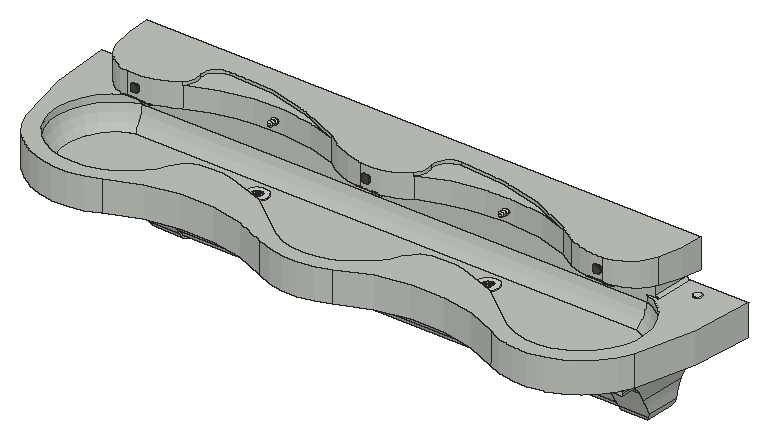
Revit family "Lavatory-Bradley_Corp-Express-MG3", category Plumbing Fixtures, Revit 2012 (continued)
Types (88): name | Water Supply | Sprayhead | Solar Panel Visibility | Sensor Voltage | Sensor Power | Rim Height | OmniClass Table 23 Number | Industry Standards | Height to Water Supply | Height to Electrical Outlet | Height to Bottom of Basin | Height to Base | Height | Heater Voltage | Heater Power | Heater Connector Placement | Heater | ADA Compliant
  Juvenile Height-AST4-TMA-Heat 277 | "Vernatherm Themostatic Mixing Assembly" | "Air Valve Control" | no | 0 V | 0 VA | 29.500" | "23.45.05.14.14" | "ANSI Z124.3, ANSI Z124.6, ANSI/ICPA SS-1-2001, UPC, GREENGUARD Indoor Air Quality Certified÷, GREENGUARD Children & Schools(SM)" | 22.000" | 20.000" | 25.500" | 13.500" | 35.000" | 277 V | 10000 VA | 38.000" | "Electric Tankless Water Heater, 277 Volts" | "Yes"
  Juvenile Height-TT-TMA-Heat 277 | "Vernatherm Themostatic Mixing Assembly" | "TouchTime Control" | no | 110 V | 0.5 VA | 29.500" | "23.45.05.14.14" | "ANSI Z124.3, ANSI Z124.6, ANSI/ICPA SS-1-2001, UPC, GREENGUARD Indoor Air Quality Certified÷, GREENGUARD Children & Schools(SM)" | 22.000" | 20.000" | 25.500" | 13.500" | 35.000" | 277 V | 10000 VA | 38.000" | "Electric Tankless Water Heater, 277 Volts" | "Yes"
  Juvenile Height-BIR3-TMA | "Vernatherm Themostatic Mixing Assembly" | "Battery Operated Infrared" | no | 0 V | 0 VA | 29.500" | "23.45.05.14.14" | "ANSI Z124.3, ANSI Z124.6, ANSI/ICPA SS-1-2001, UPC, GREENGUARD Indoor Air Quality Certified÷, GREENGUARD Children & Schools(SM)" | 22.000" | 20.000" | 25.500" | 13.500" | 35.000" | 0 V | 0 VA | 38.000" | "None" | "Yes"
  Juvenile Height-NDT-TMA | "Vernatherm Themostatic Mixing Assembly" | "ndite Powered Infrared Control" | yes | 0 V | 0 VA | 29.500" | "23.45.05.14.14" | "ANSI Z124.3, ANSI Z124.6, ANSI/ICPA SS-1-2001, UPC, GREENGUARD Indoor Air Quality Certified÷, GREENGUARD Children & Schools(SM)" | 22.000" | 20.000" | 25.500" | 13.500" | 35.000" | 0 V | 0 VA | 38.000" | "None" | "Yes"
  Juvenile Height-IR-TL-Heat 277 | "Single Tempered Line" | "Infrared Control" | no | 110 V | 0.5 VA | 29.500" | "23.45.05.14.14" | "ANSI Z124.3, ANSI Z124.6, ANSI/ICPA SS-1-2001, UPC, GREENGUARD Indoor Air Quality Certified÷, GREENGUARD Children & Schools(SM)" | 22.000" | 20.000" | 25.500" | 13.500" | 35.000" | 277 V | 10000 VA | 38.000" | "Electric Tankless Water Heater, 277 Volts" | "Yes"
  Juvenile Height-AST4-TL-Heat 277 | "Single Tempered Line" | "Air Valve Control" | no | 0 V | 0 VA | 29.500" | "23.45.05.14.14" | "ANSI Z124.3, ANSI Z124.6, ANSI/ICPA SS-1-2001, UPC, GREENGUARD Indoor Air Quality Certified÷, GREENGUARD Children & Schools(SM)" | 22.000" | 20.000" | 25.500" | 13.500" | 35.000" | 277 V | 10000 VA | 38.000" | "Electric Tankless Water Heater, 277 Volts" | "Yes"
  Juvenile Height-TT-TL-Heat 277 | "Single Tempered Line" | "TouchTime Control" | no | 110 V | 0.5 VA | 29.500" | "23.45.05.14.14" | "ANSI Z124.3, ANSI Z124.6, ANSI/ICPA SS-1-2001, UPC, GREENGUARD Indoor Air Quality Certified÷, GREENGUARD Children & Schools(SM)" | 22.000" | 20.000" | 25.500" | 13.500" | 35.000" | 277 V | 10000 VA | 38.000" | "Electric Tankless Water Heater, 277 Volts" | "Yes"
  Juvenile Height-BIR3-TL | "Single Tempered Line" | "Battery Operated Infrared" | no | 0 V | 0 VA | 29.500" | "23.45.05.14.14" | "ANSI Z124.3, ANSI Z124.6, ANSI/ICPA SS-1-2001, UPC, GREENGUARD Indoor Air Quality Certified÷, GREENGUARD Children & Schools(SM)" | 22.000" | 20.000" | 25.500" | 13.500" | 35.000" | 0 V | 0 VA | 38.000" | "None" | "Yes"
  Juvenile Height-NDT-TL | "Single Tempered Line" | "ndite Powered Infrared Control" | yes | 0 V | 0 VA | 29.500" | "23.45.05.14.14" | "ANSI Z124.3, ANSI Z124.6, ANSI/ICPA SS-1-2001, UPC, GREENGUARD Indoor Air Quality Certified÷, GREENGUARD Children & Schools(SM)" | 22.000" | 20.000" | 25.500" | 13.500" | 35.000" | 0 V | 0 VA | 38.000" | "None" | "Yes"
  Juvenile Height-IR-TMA-Heat 240-208 | "Vernatherm Themostatic Mixing Assembly" | "Infrared Control" | no | 110 V | 0.5 VA | 29.500" | "23.45.05.14.14" | "ANSI Z124.3, ANSI Z124.6, ANSI/ICPA SS-1-2001, UPC, GREENGUARD Indoor Air Quality Certified÷, GREENGUARD Children & Schools(SM)" | 22.000" | 20.000" | 25.500" | 13.500" | 35.000" | 240 V | 9500 VA | 51.000" | "Electric Tankless Water Heater, 240/208 Volts" | "Yes"
  Juvenile Height-AST4-TMA-Heat 240-208 | "Vernatherm Themostatic Mixing Assembly" | "Air Valve Control" | no | 0 V | 0 VA | 29.500" | "23.45.05.14.14" | "ANSI Z124.3, ANSI Z124.6, ANSI/ICPA SS-1-2001, UPC, GREENGUARD Indoor Air Quality Certified÷, GREENGUARD Children & Schools(SM)" | 22.000" | 20.000" | 25.500" | 13.500" | 35.000" | 240 V | 9500 VA | 51.000" | "Electric Tankless Water Heater, 240/208 Volts" | "Yes"
  Juvenile Height-TT-TMA-Heat 240-208 | "Vernatherm Themostatic Mixing Assembly" | "TouchTime Control" | no | 110 V | 0.5 VA | 29.500" | "23.45.05.14.14" | "ANSI Z124.3, ANSI Z124.6, ANSI/ICPA SS-1-2001, UPC, GREENGUARD Indoor Air Quality Certified÷, GREENGUARD Children & Schools(SM)" | 22.000" | 20.000" | 25.500" | 13.500" | 35.000" | 240 V | 9500 VA | 51.000" | "Electric Tankless Water Heater, 240/208 Volts" | "Yes"
  Juvenile Height-IR-TL-Heat 240-208 | "Single Tempered Line" | "Infrared Control" | no | 110 V | 0.5 VA | 29.500" | "23.45.05.14.14" | "ANSI Z124.3, ANSI Z124.6, ANSI/ICPA SS-1-2001, UPC, GREENGUARD Indoor Air Quality Certified÷, GREENGUARD Children & Schools(SM)" | 22.000" | 20.000" | 25.500" | 13.500" | 35.000" | 240 V | 9500 VA | 51.000" | "Electric Tankless Water Heater, 240/208 Volts" | "Yes"
  Juvenile Height-AST4-TL-Heat 240-208 | "Single Tempered Line" | "Air Valve Control" | no | 0 V | 0 VA | 29.500" | "23.45.05.14.14" | "ANSI Z124.3, ANSI Z124.6, ANSI/ICPA SS-1-2001, UPC, GREENGUARD Indoor Air Quality Certified÷, GREENGUARD Children & Schools(SM)" | 22.000" | 20.000" | 25.500" | 13.500" | 35.000" | 240 V | 9500 VA | 51.000" | "Electric Tankless Water Heater, 240/208 Volts" | "Yes"
  Juvenile Height-TT-TL-Heat 240-208 | "Single Tempered Line" | "TouchTime Control" | no | 110 V | 0.5 VA | 29.500" | "23.45.05.14.14" | "ANSI Z124.3, ANSI Z124.6, ANSI/ICPA SS-1-2001, UPC, GREENGUARD Indoor Air Quality Certified÷, GREENGUARD Children & Schools(SM)" | 22.000" | 20.000" | 25.500" | 13.500" | 35.000" | 240 V | 9500 VA | 51.000" | "Electric Tankless Water Heater, 240/208 Volts" | "Yes"
  Juvenile Height-IR-TMA | "Vernatherm Themostatic Mixing Assembly" | "Infrared Control" | no | 110 V | 0.5 VA | 29.500" | "23.45.05.14.14" | "ANSI Z124.3, ANSI Z124.6, ANSI/ICPA SS-1-2001, UPC, GREENGUARD Indoor Air Quality Certified÷, GREENGUARD Children & Schools(SM)" | 22.000" | 20.000" | 25.500" | 13.500" | 35.000" | 0 V | 0 VA | 38.000" | "None" | "Yes"
  Juvenile Height-AST4-TMA | "Vernatherm Themostatic Mixing Assembly" | "Air Valve Control" | no | 0 V | 0 VA | 29.500" | "23.45.05.14.14" | "ANSI Z124.3, ANSI Z124.6, ANSI/ICPA SS-1-2001, UPC, GREENGUARD Indoor Air Quality Certified÷, GREENGUARD Children & Schools(SM)" | 22.000" | 20.000" | 25.500" | 13.500" | 35.000" | 0 V | 0 VA | 38.000" | "None" | "Yes"
  Juvenile Height-TT-TMA | "Vernatherm Themostatic Mixing Assembly" | "TouchTime Control" | no | 110 V | 0.5 VA | 29.500" | "23.45.05.14.14" | "ANSI Z124.3, ANSI Z124.6, ANSI/ICPA SS-1-2001, UPC, GREENGUARD Indoor Air Quality Certified÷, GREENGUARD Children & Schools(SM)" | 22.000" | 20.000" | 25.500" | 13.500" | 35.000" | 0 V | 0 VA | 38.000" | "None" | "Yes"
  Juvenile Height-IR-TL | "Single Tempered Line" | "Infrared Control" | no | 110 V | 0.5 VA | 29.500" | "23.45.05.14.14" | "ANSI Z124.3, ANSI Z124.6, ANSI/ICPA SS-1-2001, UPC, GREENGUARD Indoor Air Quality Certified÷, GREENGUARD Children & Schools(SM)" | 22.000" | 20.000" | 25.500" | 13.500" | 35.000" | 0 V | 0 VA | 38.000" | "None" | "Yes"
  Juvenile Height-AST4-TL | "Single Tempered Line" | "Air Valve Control" | no | 0 V | 0 VA | 29.500" | "23.45.05.14.14" | "ANSI Z124.3, ANSI Z124.6, ANSI/ICPA SS-1-2001, UPC, GREENGUARD Indoor Air Quality Certified÷, GREENGUARD Children & Schools(SM)" | 22.000" | 20.000" | 25.500" | 13.500" | 35.000" | 0 V | 0 VA | 38.000" | "None" | "Yes"
  Juvenile Height-TT-TL | "Single Tempered Line" | "TouchTime Control" | no | 110 V | 0.5 VA | 29.500" | "23.45.05.14.14" | "ANSI Z124.3, ANSI Z124.6, ANSI/ICPA SS-1-2001, UPC, GREENGUARD Indoor Air Quality Certified÷, GREENGUARD Children & Schools(SM)" | 22.000" | 20.000" | 25.500" | 13.500" | 35.000" | 0 V | 0 VA | 38.000" | "None" | "Yes"
  TAS Pre-K 5-6 Height-IR-TMA-Heat 277 | "Vernatherm Themostatic Mixing Assembly" | "Infrared Control" | no | 110 V | 0.5 VA | 30.000" | "23.45.05.14.14" | "TAS, ANSI Z124.3, ANSI Z124.6, ANSI/ICPA SS-1-2001, UPC, GREENGUARD Indoor Air Quality Certified÷, GREENGUARD Children & Schools(SM)" | 22.500" | 20.500" | 26.000" | 14.000" | 35.500" | 277 V | 10000 VA | 38.000" | "Electric Tankless Water Heater, 277 Volts" | "No"
  TAS Pre-K 5-6 Height-AST4-TMA-Heat 277 | "Vernatherm Themostatic Mixing Assembly" | "Air Valve Control" | no | 0 V | 0 VA | 30.000" | "23.45.05.14.14" | "TAS, ANSI Z124.3, ANSI Z124.6, ANSI/ICPA SS-1-2001, UPC, GREENGUARD Indoor Air Quality Certified÷, GREENGUARD Children & Schools(SM)" | 22.500" | 20.500" | 26.000" | 14.000" | 35.500" | 277 V | 10000 VA | 38.000" | "Electric Tankless Water Heater, 277 Volts" | "No"
  TAS Pre-K 5-6 Height-TT-TMA-Heat 277 | "Vernatherm Themostatic Mixing Assembly" | "TouchTime Control" | no | 110 V | 0.5 VA | 30.000" | "23.45.05.14.14" | "TAS, ANSI Z124.3, ANSI Z124.6, ANSI/ICPA SS-1-2001, UPC, GREENGUARD Indoor Air Quality Certified÷, GREENGUARD Children & Schools(SM)" | 22.500" | 20.500" | 26.000" | 14.000" | 35.500" | 277 V | 10000 VA | 38.000" | "Electric Tankless Water Heater, 277 Volts" | "No"
  TAS Pre-K 5-6 Height-BIR3-TMA | "Vernatherm Themostatic Mixing Assembly" | "Battery Operated Infrared" | no | 0 V | 0 VA | 30.000" | "23-31 13 00" | "TAS, ANSI Z124.3, ANSI Z124.6, ANSI/ICPA SS-1-2001, UPC, GREENGUARD Indoor Air Quality Certified÷, GREENGUARD Children & Schools(SM)" | 22.500" | 20.500" | 26.000" | 14.000" | 35.500" | 0 V | 0 VA | 38.000" | "None" | "No"
  TAS Pre-K 5-6 Height-NDT-TMA | "Vernatherm Themostatic Mixing Assembly" | "ndite Powered Infrared Control" | yes | 0 V | 0 VA | 30.000" | "23.45.05.14.14" | "TAS, ANSI Z124.3, ANSI Z124.6, ANSI/ICPA SS-1-2001, UPC, GREENGUARD Indoor Air Quality Certified÷, GREENGUARD Children & Schools(SM)" | 22.500" | 20.500" | 26.000" | 14.000" | 35.500" | 0 V | 0 VA | 38.000" | "None" | "No"
  TAS Pre-K 5-6 Height-IR-TL-Heat 277 | "Single Tempered Line" | "Infrared Control" | no | 110 V | 0.5 VA | 30.000" | "23.45.05.14.14" | "TAS, ANSI Z124.3, ANSI Z124.6, ANSI/ICPA SS-1-2001, UPC, GREENGUARD Indoor Air Quality Certified÷, GREENGUARD Children & Schools(SM)" | 22.500" | 20.500" | 26.000" | 14.000" | 35.500" | 277 V | 10000 VA | 38.000" | "Electric Tankless Water Heater, 277 Volts" | "No"
  TAS Pre-K 5-6 Height-AST4-TL-Heat 277 | "Single Tempered Line" | "Air Valve Control" | no | 0 V | 0 VA | 30.000" | "23.45.05.14.14" | "TAS, ANSI Z124.3, ANSI Z124.6, ANSI/ICPA SS-1-2001, UPC, GREENGUARD Indoor Air Quality Certified÷, GREENGUARD Children & Schools(SM)" | 22.500" | 20.500" | 26.000" | 14.000" | 35.500" | 277 V | 10000 VA | 38.000" | "Electric Tankless Water Heater, 277 Volts" | "No"
  TAS Pre-K 5-6 Height-TT-TL-Heat 277 | "Single Tempered Line" | "TouchTime Control" | no | 110 V | 0.5 VA | 30.000" | "23.45.05.14.14" | "TAS, ANSI Z124.3, ANSI Z124.6, ANSI/ICPA SS-1-2001, UPC, GREENGUARD Indoor Air Quality Certified÷, GREENGUARD Children & Schools(SM)" | 22.500" | 20.500" | 26.000" | 14.000" | 35.500" | 277 V | 10000 VA | 38.000" | "Electric Tankless Water Heater, 277 Volts" | "No"
  TAS Pre-K 5-6 Height-BIR3-TL | "Single Tempered Line" | "Battery Operated Infrared" | no | 0 V | 0 VA | 30.000" | "23.45.05.14.14" | "TAS, ANSI Z124.3, ANSI Z124.6, ANSI/ICPA SS-1-2001, UPC, GREENGUARD Indoor Air Quality Certified÷, GREENGUARD Children & Schools(SM)" | 22.500" | 20.500" | 26.000" | 14.000" | 35.500" | 0 V | 0 VA | 38.000" | "None" | "No"
  TAS Pre-K 5-6 Height-NDT-TL | "Single Tempered Line" | "ndite Powered Infrared Control" | yes | 0 V | 0 VA | 30.000" | "23.45.05.14.14" | "TAS, ANSI Z124.3, ANSI Z124.6, ANSI/ICPA SS-1-2001, UPC, GREENGUARD Indoor Air Quality Certified÷, GREENGUARD Children & Schools(SM)" | 22.500" | 20.500" | 26.000" | 14.000" | 35.500" | 0 V | 0 VA | 38.000" | "None" | "No"
  TAS Pre-K 5-6 Height-IR-TMA-Heat 240-208 | "Vernatherm Themostatic Mixing Assembly" | "Infrared Control" | no | 110 V | 0.5 VA | 30.000" | "23.45.05.14.14" | "TAS, ANSI Z124.3, ANSI Z124.6, ANSI/ICPA SS-1-2001, UPC, GREENGUARD Indoor Air Quality Certified÷, GREENGUARD Children & Schools(SM)" | 22.500" | 20.500" | 26.000" | 14.000" | 35.500" | 240 V | 9500 VA | 38.000" | "Electric Tankless Water Heater, 240/208 Volts" | "No"
  TAS Pre-K 5-6 Height-AST4-TMA-Heat 240-208 | "Vernatherm Themostatic Mixing Assembly" | "Air Valve Control" | no | 0 V | 0 VA | 30.000" | "23.45.05.14.14" | "TAS, ANSI Z124.3, ANSI Z124.6, ANSI/ICPA SS-1-2001, UPC, GREENGUARD Indoor Air Quality Certified÷, GREENGUARD Children & Schools(SM)" | 22.500" | 20.500" | 26.000" | 14.000" | 35.500" | 240 V | 9500 VA | 51.000" | "Electric Tankless Water Heater, 240/208 Volts" | "No"
  TAS Pre-K 5-6 Height-TT-TMA-Heat 240-208 | "Vernatherm Themostatic Mixing Assembly" | "TouchTime Control" | no | 110 V | 0.5 VA | 30.000" | "23.45.05.14.14" | "TAS, ANSI Z124.3, ANSI Z124.6, ANSI/ICPA SS-1-2001, UPC, GREENGUARD Indoor Air Quality Certified÷, GREENGUARD Children & Schools(SM)" | 22.500" | 20.500" | 26.000" | 14.000" | 35.500" | 240 V | 9500 VA | 51.000" | "Electric Tankless Water Heater, 240/208 Volts" | "No"
  TAS Pre-K 5-6 Height-IR-TL-Heat 240-208 | "Single Tempered Line" | "Infrared Control" | no | 110 V | 0.5 VA | 30.000" | "23.45.05.14.14" | "TAS, ANSI Z124.3, ANSI Z124.6, ANSI/ICPA SS-1-2001, UPC, GREENGUARD Indoor Air Quality Certified÷, GREENGUARD Children & Schools(SM)" | 22.500" | 20.500" | 26.000" | 14.000" | 35.500" | 240 V | 9500 VA | 51.000" | "Electric Tankless Water Heater, 240/208 Volts" | "No"
  TAS Pre-K 5-6 Height-AST4-TL-Heat 240-208 | "Single Tempered Line" | "Air Valve Control" | no | 0 V | 0 VA | 30.000" | "23.45.05.14.14" | "TAS, ANSI Z124.3, ANSI Z124.6, ANSI/ICPA SS-1-2001, UPC, GREENGUARD Indoor Air Quality Certified÷, GREENGUARD Children & Schools(SM)" | 22.500" | 20.500" | 26.000" | 14.000" | 35.500" | 240 V | 9500 VA | 51.000" | "Electric Tankless Water Heater, 240/208 Volts" | "No"
  TAS Pre-K 5-6 Height-TT-TL-Heat 240-208 | "Single Tempered Line" | "TouchTime Control" | no | 110 V | 0.5 VA | 30.000" | "23.45.05.14.14" | "TAS, ANSI Z124.3, ANSI Z124.6, ANSI/ICPA SS-1-2001, UPC, GREENGUARD Indoor Air Quality Certified÷, GREENGUARD Children & Schools(SM)" | 22.500" | 20.500" | 26.000" | 14.000" | 35.500" | 240 V | 9500 VA | 51.000" | "Electric Tankless Water Heater, 240/208 Volts" | "No"
  TAS Pre-K 5-6 Height-IR-TMA | "Vernatherm Themostatic Mixing Assembly" | "Infrared Control" | no | 110 V | 0.5 VA | 30.000" | "23.45.05.14.14" | "TAS, ANSI Z124.3, ANSI Z124.6, ANSI/ICPA SS-1-2001, UPC, GREENGUARD Indoor Air Quality Certified÷, GREENGUARD Children & Schools(SM)" | 22.500" | 20.500" | 26.000" | 14.000" | 35.500" | 0 V | 0 VA | 38.000" | "None" | "No"
  TAS Pre-K 5-6 Height-AST4-TMA | "Vernatherm Themostatic Mixing Assembly" | "Air Valve Control" | no | 0 V | 0 VA | 30.000" | "23.45.05.14.14" | "TAS, ANSI Z124.3, ANSI Z124.6, ANSI/ICPA SS-1-2001, UPC, GREENGUARD Indoor Air Quality Certified÷, GREENGUARD Children & Schools(SM)" | 22.500" | 20.500" | 26.000" | 14.000" | 35.500" | 0 V | 0 VA | 38.000" | "None" | "No"
  TAS Pre-K 5-6 Height-TT-TMA | "Vernatherm Themostatic Mixing Assembly" | "TouchTime Control" | no | 110 V | 0.5 VA | 30.000" | "23.45.05.14.14" | "TAS, ANSI Z124.3, ANSI Z124.6, ANSI/ICPA SS-1-2001, UPC, GREENGUARD Indoor Air Quality Certified÷, GREENGUARD Children & Schools(SM)" | 22.500" | 20.500" | 26.000" | 14.000" | 35.500" | 0 V | 0 VA | 38.000" | "None" | "No"
  TAS Pre-K 5-6 Height-IR-TL | "Single Tempered Line" | "Infrared Control" | no | 110 V | 0.5 VA | 30.000" | "23.45.05.14.14" | "TAS, ANSI Z124.3, ANSI Z124.6, ANSI/ICPA SS-1-2001, UPC, GREENGUARD Indoor Air Quality Certified÷, GREENGUARD Children & Schools(SM)" | 22.500" | 20.500" | 26.000" | 14.000" | 35.500" | 0 V | 0 VA | 38.000" | "None" | "No"
  TAS Pre-K 5-6 Height-AST4-TL | "Single Tempered Line" | "Air Valve Control" | no | 0 V | 0 VA | 30.000" | "23.45.05.14.14" | "TAS, ANSI Z124.3, ANSI Z124.6, ANSI/ICPA SS-1-2001, UPC, GREENGUARD Indoor Air Quality Certified÷, GREENGUARD Children & Schools(SM)" | 22.500" | 20.500" | 26.000" | 14.000" | 35.500" | 0 V | 0 VA | 38.000" | "None" | "No"
  TAS Pre-K 5-6 Height-TT-TL | "Single Tempered Line" | "TouchTime Control" | no | 110 V | 0.5 VA | 30.000" | "23.45.05.14.14" | "TAS, ANSI Z124.3, ANSI Z124.6, ANSI/ICPA SS-1-2001, UPC, GREENGUARD Indoor Air Quality Certified÷, GREENGUARD Children & Schools(SM)" | 22.500" | 20.500" | 26.000" | 14.000" | 35.500" | 0 V | 0 VA | 38.000" | "None" | "No"
  TAS 6 8-9 Height-IR-TMA-Heat 277 | "Vernatherm Themostatic Mixing Assembly" | "Infrared Control" | no | 110 V | 0.5 VA | 32.000" | "23.45.05.14.14" | "TAS, ANSI Z124.3, ANSI Z124.6, ANSI/ICPA SS-1-2001, UPC, GREENGUARD Indoor Air Quality Certified÷, GREENGUARD Children & Schools(SM)" | 22.500" | 22.500" | 28.000" | 16.000" | 37.500" | 277 V | 10000 VA | 51.000" | "Electric Tankless Water Heater, 277 Volts" | "No"
  TAS 6 8-9 Height-AST4-TMA-Heat 277 | "Vernatherm Themostatic Mixing Assembly" | "Air Valve Control" | no | 0 V | 0 VA | 32.000" | "23.45.05.14.14" | "TAS, ANSI Z124.3, ANSI Z124.6, ANSI/ICPA SS-1-2001, UPC, GREENGUARD Indoor Air Quality Certified÷, GREENGUARD Children & Schools(SM)" | 22.500" | 22.500" | 28.000" | 16.000" | 37.500" | 277 V | 10000 VA | 38.000" | "Electric Tankless Water Heater, 277 Volts" | "No"
  TAS 6 8-9 Height-TT-TMA-Heat 277 | "Vernatherm Themostatic Mixing Assembly" | "TouchTime Control" | no | 110 V | 0.5 VA | 32.000" | "23.45.05.14.14" | "TAS, ANSI Z124.3, ANSI Z124.6, ANSI/ICPA SS-1-2001, UPC, GREENGUARD Indoor Air Quality Certified÷, GREENGUARD Children & Schools(SM)" | 22.500" | 22.500" | 28.000" | 16.000" | 37.500" | 277 V | 10000 VA | 38.000" | "Electric Tankless Water Heater, 277 Volts" | "No"
  TAS 6 8-9 Height-BIR3-TMA | "Vernatherm Themostatic Mixing Assembly" | "Battery Operated Infrared" | no | 0 V | 0 VA | 32.000" | "23.45.05.14.14" | "TAS, ANSI Z124.3, ANSI Z124.6, ANSI/ICPA SS-1-2001, UPC, GREENGUARD Indoor Air Quality Certified÷, GREENGUARD Children & Schools(SM)" | 22.500" | 22.500" | 28.000" | 16.000" | 37.500" | 0 V | 0 VA | 38.000" | "None" | "No"
  TAS 6 8-9 Height-NDT-TMA | "Vernatherm Themostatic Mixing Assembly" | "ndite Powered Infrared Control" | yes | 0 V | 0 VA | 32.000" | "23.45.05.14.14" | "TAS, ANSI Z124.3, ANSI Z124.6, ANSI/ICPA SS-1-2001, UPC, GREENGUARD Indoor Air Quality Certified÷, GREENGUARD Children & Schools(SM)" | 22.500" | 22.500" | 28.000" | 16.000" | 37.500" | 0 V | 0 VA | 38.000" | "None" | "No"
  TAS 6 8-9 Height-IR-TL-Heat 277 | "Single Tempered Line" | "Infrared Control" | no | 110 V | 0.5 VA | 32.000" | "23.45.05.14.14" | "TAS, ANSI Z124.3, ANSI Z124.6, ANSI/ICPA SS-1-2001, UPC, GREENGUARD Indoor Air Quality Certified÷, GREENGUARD Children & Schools(SM)" | 22.500" | 22.500" | 28.000" | 16.000" | 37.500" | 277 V | 10000 VA | 38.000" | "Electric Tankless Water Heater, 277 Volts" | "No"
  TAS 6 8-9 Height-AST4-TL-Heat 277 | "Single Tempered Line" | "Air Valve Control" | no | 0 V | 0 VA | 32.000" | "23.45.05.14.14" | "TAS, ANSI Z124.3, ANSI Z124.6, ANSI/ICPA SS-1-2001, UPC, GREENGUARD Indoor Air Quality Certified÷, GREENGUARD Children & Schools(SM)" | 22.500" | 22.500" | 28.000" | 16.000" | 37.500" | 277 V | 10000 VA | 38.000" | "Electric Tankless Water Heater, 277 Volts" | "No"
  TAS 6 8-9 Height-TT-TL-Heat 277 | "Single Tempered Line" | "TouchTime Control" | no | 110 V | 0.5 VA | 32.000" | "23.45.05.14.14" | "TAS, ANSI Z124.3, ANSI Z124.6, ANSI/ICPA SS-1-2001, UPC, GREENGUARD Indoor Air Quality Certified÷, GREENGUARD Children & Schools(SM)" | 22.500" | 22.500" | 28.000" | 16.000" | 37.500" | 277 V | 10000 VA | 38.000" | "Electric Tankless Water Heater, 277 Volts" | "No"
  TAS 6 8-9 Height-BIR3-TL | "Single Tempered Line" | "Battery Operated Infrared" | no | 0 V | 0 VA | 32.000" | "23.45.05.14.14" | "TAS, ANSI Z124.3, ANSI Z124.6, ANSI/ICPA SS-1-2001, UPC, GREENGUARD Indoor Air Quality Certified÷, GREENGUARD Children & Schools(SM)" | 22.500" | 22.500" | 28.000" | 16.000" | 37.500" | 0 V | 0 VA | 38.000" | "None" | "No"
  TAS 6 8-9 Height-NDT-TL | "Single Tempered Line" | "ndite Powered Infrared Control" | yes | 0 V | 0 VA | 32.000" | "23.45.05.14.14" | "TAS, ANSI Z124.3, ANSI Z124.6, ANSI/ICPA SS-1-2001, UPC, GREENGUARD Indoor Air Quality Certified÷, GREENGUARD Children & Schools(SM)" | 22.500" | 22.500" | 28.000" | 16.000" | 37.500" | 0 V | 0 VA | 38.000" | "None" | "No"
  TAS 6 8-9 Height-IR-TMA-Heat 240-208 | "Vernatherm Themostatic Mixing Assembly" | "Infrared Control" | no | 110 V | 0.5 VA | 32.000" | "23.45.05.14.14" | "TAS, ANSI Z124.3, ANSI Z124.6, ANSI/ICPA SS-1-2001, UPC, GREENGUARD Indoor Air Quality Certified÷, GREENGUARD Children & Schools(SM)" | 22.500" | 22.500" | 28.000" | 16.000" | 37.500" | 240 V | 9500 VA | 51.000" | "Electric Tankless Water Heater, 240/208 Volts" | "No"
  TAS 6 8-9 Height-AST4-TMA-Heat 240-208 | "Vernatherm Themostatic Mixing Assembly" | "Air Valve Control" | no | 0 V | 0 VA | 32.000" | "23.45.05.14.14" | "TAS, ANSI Z124.3, ANSI Z124.6, ANSI/ICPA SS-1-2001, UPC, GREENGUARD Indoor Air Quality Certified÷, GREENGUARD Children & Schools(SM)" | 22.500" | 22.500" | 28.000" | 16.000" | 37.500" | 240 V | 9500 VA | 51.000" | "Electric Tankless Water Heater, 240/208 Volts" | "No"
  TAS 6 8-9 Height-TT-TMA-Heat 240-208 | "Vernatherm Themostatic Mixing Assembly" | "TouchTime Control" | no | 110 V | 0.5 VA | 32.000" | "23.45.05.14.14" | "TAS, ANSI Z124.3, ANSI Z124.6, ANSI/ICPA SS-1-2001, UPC, GREENGUARD Indoor Air Quality Certified÷, GREENGUARD Children & Schools(SM)" | 22.500" | 22.500" | 28.000" | 16.000" | 37.500" | 240 V | 9500 VA | 51.000" | "Electric Tankless Water Heater, 240/208 Volts" | "No"
  TAS 6 8-9 Height-IR-TL-Heat 240-208 | "Single Tempered Line" | "Infrared Control" | no | 110 V | 0.5 VA | 32.000" | "23.45.05.14.14" | "TAS, ANSI Z124.3, ANSI Z124.6, ANSI/ICPA SS-1-2001, UPC, GREENGUARD Indoor Air Quality Certified÷, GREENGUARD Children & Schools(SM)" | 22.500" | 22.500" | 28.000" | 16.000" | 37.500" | 240 V | 9500 VA | 51.000" | "Electric Tankless Water Heater, 240/208 Volts" | "No"
  TAS 6 8-9 Height-AST4-TL-Heat 240-208 | "Single Tempered Line" | "Air Valve Control" | no | 0 V | 0 VA | 32.000" | "23.45.05.14.14" | "TAS, ANSI Z124.3, ANSI Z124.6, ANSI/ICPA SS-1-2001, UPC, GREENGUARD Indoor Air Quality Certified÷, GREENGUARD Children & Schools(SM)" | 22.500" | 22.500" | 28.000" | 16.000" | 37.500" | 240 V | 9500 VA | 51.000" | "Electric Tankless Water Heater, 240/208 Volts" | "No"
  TAS 6 8-9 Height-TT-TL-Heat 240-208 | "Single Tempered Line" | "TouchTime Control" | no | 110 V | 0.5 VA | 32.000" | "23.45.05.14.14" | "TAS, ANSI Z124.3, ANSI Z124.6, ANSI/ICPA SS-1-2001, UPC, GREENGUARD Indoor Air Quality Certified÷, GREENGUARD Children & Schools(SM)" | 22.500" | 22.500" | 28.000" | 16.000" | 37.500" | 240 V | 9500 VA | 51.000" | "Electric Tankless Water Heater, 240/208 Volts" | "No"
  TAS 6 8-9 Height-IR-TMA | "Vernatherm Themostatic Mixing Assembly" | "Infrared Control" | no | 110 V | 0.5 VA | 32.000" | "23.45.05.14.14" | "TAS, ANSI Z124.3, ANSI Z124.6, ANSI/ICPA SS-1-2001, UPC, GREENGUARD Indoor Air Quality Certified÷, GREENGUARD Children & Schools(SM)" | 22.500" | 22.500" | 28.000" | 16.000" | 37.500" | 0 V | 0 VA | 38.000" | "None" | "No"
  TAS 6 8-9 Height-AST4-TMA | "Vernatherm Themostatic Mixing Assembly" | "Air Valve Control" | no | 0 V | 0 VA | 32.000" | "23.45.05.14.14" | "TAS, ANSI Z124.3, ANSI Z124.6, ANSI/ICPA SS-1-2001, UPC, GREENGUARD Indoor Air Quality Certified÷, GREENGUARD Children & Schools(SM)" | 22.500" | 22.500" | 28.000" | 16.000" | 37.500" | 0 V | 0 VA | 38.000" | "None" | "No"
  TAS 6 8-9 Height-TT-TMA | "Vernatherm Themostatic Mixing Assembly" | "TouchTime Control" | no | 110 V | 0.5 VA | 32.000" | "23.45.05.14.14" | "TAS, ANSI Z124.3, ANSI Z124.6, ANSI/ICPA SS-1-2001, UPC, GREENGUARD Indoor Air Quality Certified÷, GREENGUARD Children & Schools(SM)" | 22.500" | 22.500" | 28.000" | 16.000" | 37.500" | 0 V | 0 VA | 38.000" | "None" | "No"
  TAS 6 8-9 Height-IR-TL | "Single Tempered Line" | "Infrared Control" | no | 110 V | 0.5 VA | 32.000" | "23.45.05.14.14" | "TAS, ANSI Z124.3, ANSI Z124.6, ANSI/ICPA SS-1-2001, UPC, GREENGUARD Indoor Air Quality Certified÷, GREENGUARD Children & Schools(SM)" | 22.500" | 22.500" | 28.000" | 16.000" | 37.500" | 0 V | 0 VA | 38.000" | "None" | "No"
  TAS 6 8-9 Height-AST4-TL | "Single Tempered Line" | "Air Valve Control" | no | 0 V | 0 VA | 32.000" | "23.45.05.14.14" | "TAS, ANSI Z124.3, ANSI Z124.6, ANSI/ICPA SS-1-2001, UPC, GREENGUARD Indoor Air Quality Certified÷, GREENGUARD Children & Schools(SM)" | 22.500" | 22.500" | 28.000" | 16.000" | 37.500" | 0 V | 0 VA | 38.000" | "None" | "No"
  TAS 6 8-9 Height-TT-TL | "Single Tempered Line" | "TouchTime Control" | no | 110 V | 0.5 VA | 32.000" | "23.45.05.14.14" | "TAS, ANSI Z124.3, ANSI Z124.6, ANSI/ICPA SS-1-2001, UPC, GREENGUARD Indoor Air Quality Certified÷, GREENGUARD Children & Schools(SM)" | 22.500" | 22.500" | 28.000" | 16.000" | 37.500" | 0 V | 0 VA | 38.000" | "None" | "No"
